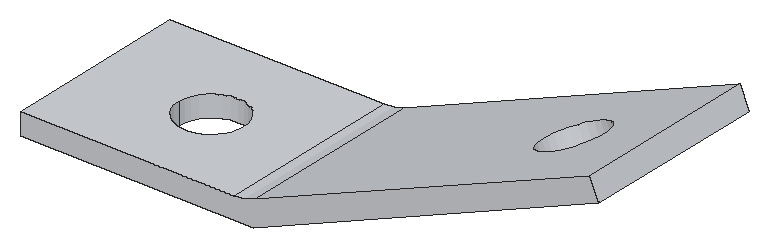
Revit family "MP22", category Generic Models, Revit 2017
Family settings
  Can host rebar = No
  Round Connector Dimension = Use Diameter
  Part Type = Normal
  Work Plane-Based = Yes
  Always vertical = No
  Cut with Voids When Loaded = No
  Shared = No
  Room Calculation Point = No
Parameters (values of type "NBS Standard Parameters")
  Weight = "0.256Kg"
  WarrantyStartDate [instance] = "1900-12-31T23:59:59"
  WarrantyGuarantorParts = "n/a"
  WarrantyGuarantorLabor = "n/a"
  WarrantyDurationUnit = "1 year"
  WarrantyDurationParts = "n/a"
  WarrantyDurationLabor = "n/a"
  WarrantyDescription = "n/a"
  Version = "1"
  Uniclass2 = "Pr_65_70_11_19"
  TagNumber [instance] = "n/a"
  SustainabilityPerformance = "n/a"
  Size = "15  Degree"
  Shape = "Angle"
  SerialNumber [instance] = "n/a"
  Revision = "n/a"
  ReplacementCost = "n/a"
  ProductInformation = "www.metpro.co.uk/pdf/mp22.pdf"
  NominalWidth = 40 mm
  NominalLength = 100 mm
  NominalHeight = 30 mm
  Name = ""
  NBSTypeID = ""
  NBSReference = "90-55-10/305"
  NBSOfficeMasterTag = ""
  NBSNote = ""
  NBSDescription = "Channel Cable Supports"
  NBSCertification = ""
  ModelReference = "MP22"
  ModelNumber = "n/a"
  Material = "Steel"
  ManufacturerURL = "www.metpro.co.uk"
  ManufacturerName = "Metpro Ltd"
  Keynote = "Compliant to LU Standards 1-085"
  InstallationDate [instance] = "1900-12-31T23:59:59"
  IfcExportType = ""
  IfcExportAs = ""
  Grade = "n/a"
  Finish = "n/a"
  Features = "Hot Dipped Galvanised"
  ExpectedLife = "n/a"
  DurationUnit = "year"
  Description = "Mp22 - 15 Degree obtuse angle bracket"
  Default Elevation = 1219.2 mm
  Constituents = "n/a"
  Color = "n/a"
  CodePerformance = "n/a"
  Category = "n/a"
  BarCode [instance] = "n/a"
  BIMObjectName = "Metpro_ metprolibrary_channelcablesupports_channelbracket"
  Author = "Metpro Ltd"
  AssetType = ""
  AssetIdentifier [instance] = "n/a"
  AccessibilityPerformance = "n/a"
Reference planes
  plane 1 "Center (Front/Back)": y = 0
  plane 2: z = 0
  plane 3 "Center (Left/Right)": x = 0
Forms (mm)
  Extrusion 1, solid
    sketch origin (-67.966, 43.961, 3.609) x (1, 0, 0) y (0, 0, 1)
      loop
        line (0, 3.394) -> (0, -1.226) -> (50, -1.226) -> (123.91, 29.389) -> (121.997, 34.008) -> (50.186, 4.263)
        arc (50.186, 4.263) -> (48.043, 3.613) -> (45.815, 3.394) r 11.422
        line (45.815, 3.394) -> (0, 3.394)
    from 0 to 40
  Extrusion 2, void
    sketch origin (-53.582, 43.551, 3.609) x (-1, 0, 0) y (0, -1, 0)
      loop
        circle (-11.138, 20.315) r 7
    from -1.226 to 3.394
  Extrusion 3, void
    sketch origin (-17.966, 43.961, 2.383) x (-0.92388, 0, -0.382683) y (0, -1, 0)
      loop
        circle (-59.009, 20) r 7
    from 0 to 5
Cuts and joins
  Extrusion 2, Extrusion 3 cuts Extrusion 1
Dimensions and locks
  aligned and locked: level to plane 2
  aligned and locked: Extrusion 1 to Extrusion 3
  aligned and locked: Extrusion 2 to Extrusion 1
